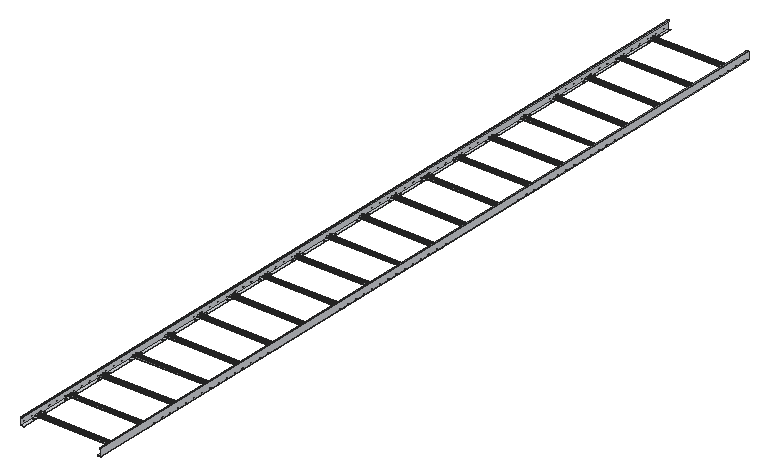
Revit family "Kabelleiter,Sprosse gelocht, geschweißt-LCIS 660 6 FS,FT,A2,A4", category Generic Models, Revit 2017 (continued)
Forms (mm)
  Extrusion 182, void
    sketch origin (0, 2100, 0) x (1, 0, 0) y (0, 1, 0)
      loop
        arc (-23.5, 142.515) -> (-23.354, 142.162) -> (-23, 142.015) r 0.5
        line (-23, 142.015) -> (-17, 142.015)
        arc (-17, 142.015) -> (-16.646, 142.162) -> (-16.5, 142.515) r 0.5
        line (-16.5, 142.515) -> (-16.5, 157.475)
        arc (-16.5, 157.475) -> (-16.646, 157.828) -> (-17, 157.975) r 0.5
        line (-17, 157.975) -> (-23, 157.975)
      loop
        arc (-5, 157.975) -> (-5.354, 157.828) -> (-5.5, 157.475) r 0.5
        line (-5.5, 157.475) -> (-5.5, 142.515)
        arc (-5.5, 142.515) -> (-5.354, 142.162) -> (-5, 142.015) r 0.5
        line (-5, 142.015) -> (5, 142.015)
        arc (5, 142.015) -> (5.354, 142.162) -> (5.5, 142.515) r 0.5
        line (5.5, 142.515) -> (5.5, 157.475)
        arc (5.5, 157.475) -> (5.354, 157.828) -> (5, 157.975) r 0.5
        line (5, 157.975) -> (-5, 157.975)
      loop
        arc (17.02, 157.975) -> (16.666, 157.828) -> (16.52, 157.475) r 0.5
        line (16.52, 157.475) -> (16.52, 142.515)
        arc (16.52, 142.515) -> (16.666, 142.162) -> (17.02, 142.015) r 0.5
        line (17.02, 142.015) -> (23.02, 142.015)
        arc (23.02, 142.015) -> (23.373, 142.162) -> (23.52, 142.515) r 0.5
        line (23.52, 142.515) -> (23.52, 157.475)
        arc (23.52, 157.475) -> (23.373, 157.828) -> (23.02, 157.975) r 0.5
        line (23.02, 157.975) -> (17.02, 157.975)
      loop
        arc (35, 157.975) -> (34.646, 157.828) -> (34.5, 157.475) r 0.5
        line (34.5, 157.475) -> (34.5, 142.515)
        arc (34.5, 142.515) -> (34.646, 142.162) -> (35, 142.015) r 0.5
        line (35, 142.015) -> (45, 142.015)
        arc (45, 142.015) -> (45.354, 142.162) -> (45.5, 142.515) r 0.5
        line (45.5, 142.515) -> (45.5, 157.475)
        arc (45.5, 157.475) -> (45.354, 157.828) -> (45, 157.975) r 0.5
        line (45, 157.975) -> (35, 157.975)
      loop
        arc (55, 157.975) -> (54.646, 157.828) -> (54.5, 157.475) r 0.5
        line (54.5, 157.475) -> (54.5, 142.515)
        arc (54.5, 142.515) -> (54.646, 142.162) -> (55, 142.015) r 0.5
        line (55, 142.015) -> (65, 142.015)
        arc (65, 142.015) -> (65.354, 142.162) -> (65.5, 142.515) r 0.5
        line (65.5, 142.515) -> (65.5, 157.475)
        arc (65.5, 157.475) -> (65.354, 157.828) -> (65, 157.975) r 0.5
        line (65, 157.975) -> (55, 157.975)
      loop
        arc (77, 157.975) -> (76.646, 157.828) -> (76.5, 157.475) r 0.5
        line (76.5, 157.475) -> (76.5, 142.515)
        arc (76.5, 142.515) -> (76.646, 142.162) -> (77, 142.015) r 0.5
        line (77, 142.015) -> (83, 142.015)
        arc (83, 142.015) -> (83.354, 142.162) -> (83.5, 142.515) r 0.5
        line (83.5, 142.515) -> (83.5, 157.475)
        arc (83.5, 157.475) -> (83.354, 157.828) -> (83, 157.975) r 0.5
        line (83, 157.975) -> (77, 157.975)
      loop
        arc (95, 157.975) -> (94.646, 157.828) -> (94.5, 157.475) r 0.5
        line (94.5, 157.475) -> (94.5, 142.515)
        arc (94.5, 142.515) -> (94.646, 142.162) -> (95, 142.015) r 0.5
        line (95, 142.015) -> (105, 142.015)
        arc (105, 142.015) -> (105.354, 142.162) -> (105.5, 142.515) r 0.5
        line (105.5, 142.515) -> (105.5, 157.475)
        arc (105.5, 157.475) -> (105.354, 157.828) -> (105, 157.975) r 0.5
        line (105, 157.975) -> (95, 157.975)
      loop
        arc (117, 157.975) -> (116.646, 157.828) -> (116.5, 157.475) r 0.5
        line (116.5, 157.475) -> (116.5, 142.515)
        arc (116.5, 142.515) -> (116.646, 142.162) -> (117, 142.015) r 0.5
        line (117, 142.015) -> (123, 142.015)
        arc (123, 142.015) -> (123.354, 142.162) -> (123.5, 142.515) r 0.5
        line (123.5, 142.515) -> (123.5, 157.475)
        arc (123.5, 157.475) -> (123.354, 157.828) -> (123, 157.975) r 0.5
        line (123, 157.975) -> (117, 157.975)
      loop
        arc (135, 157.975) -> (134.646, 157.828) -> (134.5, 157.475) r 0.5
        line (134.5, 157.475) -> (134.5, 142.545)
        arc (134.5, 142.545) -> (134.655, 142.17) -> (135.03, 142.015) r 0.53
        line (135.03, 142.015) -> (145, 142.015)
        arc (145, 142.015) -> (145.354, 142.162) -> (145.5, 142.515) r 0.5
        line (145.5, 142.515) -> (145.5, 157.475)
        arc (145.5, 157.475) -> (145.354, 157.828) -> (145, 157.975) r 0.5
        line (145, 157.975) -> (135, 157.975)
      loop
        arc (255.5, 148.475) -> (260, 143.975) -> (264.5, 148.475) r 4.5
        line (264.5, 148.475) -> (264.5, 151.475)
        arc (264.5, 151.475) -> (260, 155.975) -> (255.5, 151.475) r 4.5
        line (255.5, 151.475) -> (255.5, 148.475)
      loop
        arc (234.5, 142.515) -> (234.646, 142.162) -> (235, 142.015) r 0.5
        line (235, 142.015) -> (245, 142.015)
        arc (245, 142.015) -> (245.354, 142.162) -> (245.5, 142.515) r 0.5
        line (245.5, 142.515) -> (245.5, 157.475)
        arc (245.5, 157.475) -> (245.354, 157.828) -> (245, 157.975) r 0.5
        line (245, 157.975) -> (235, 157.975)
        arc (235, 157.975) -> (234.646, 157.828) -> (234.5, 157.475) r 0.5
        line (234.5, 157.475) -> (234.5, 142.515)
      loop
        arc (217, 157.975) -> (216.646, 157.828) -> (216.5, 157.475) r 0.5
        line (216.5, 157.475) -> (216.5, 142.529)
        arc (216.5, 142.529) -> (216.65, 142.166) -> (217.013, 142.015) r 0.513
        line (217.013, 142.015) -> (223, 142.015)
        arc (223, 142.015) -> (223.354, 142.162) -> (223.5, 142.515) r 0.5
        line (223.5, 142.515) -> (223.5, 157.475)
        arc (223.5, 157.475) -> (223.354, 157.828) -> (223, 157.975) r 0.5
        line (223, 157.975) -> (217, 157.975)
      loop
        arc (195, 157.975) -> (194.646, 157.828) -> (194.5, 157.475) r 0.5
        line (194.5, 157.475) -> (194.5, 142.515)
        arc (194.5, 142.515) -> (194.646, 142.162) -> (195, 142.015) r 0.5
        line (195, 142.015) -> (205, 142.015)
        arc (205, 142.015) -> (205.354, 142.162) -> (205.5, 142.515) r 0.5
        line (205.5, 142.515) -> (205.5, 157.475)
        arc (205.5, 157.475) -> (205.354, 157.828) -> (205, 157.975) r 0.5
        line (205, 157.975) -> (195, 157.975)
      loop
        arc (177, 157.975) -> (176.646, 157.828) -> (176.5, 157.475) r 0.5
        line (176.5, 157.475) -> (176.5, 142.515)
        arc (176.5, 142.515) -> (176.646, 142.162) -> (177, 142.015) r 0.5
        line (177, 142.015) -> (183, 142.015)
        arc (183, 142.015) -> (183.354, 142.162) -> (183.5, 142.515) r 0.5
        line (183.5, 142.515) -> (183.5, 157.475)
        arc (183.5, 157.475) -> (183.354, 157.828) -> (183, 157.975) r 0.5
        line (183, 157.975) -> (177, 157.975)
      loop
        arc (155, 157.975) -> (154.646, 157.828) -> (154.5, 157.475) r 0.5
        line (154.5, 157.475) -> (154.5, 142.015)
        arc (154.5, 142.015) -> (154.646, 141.662) -> (155, 141.515) r 0.5
        line (155, 141.515) -> (165, 141.515)
        arc (165, 141.515) -> (165.354, 141.662) -> (165.5, 142.015) r 0.5
        line (165.5, 142.015) -> (165.5, 157.475)
        arc (165.5, 157.475) -> (165.354, 157.828) -> (165, 157.975) r 0.5
        line (165, 157.975) -> (155, 157.975)
    from 1.441 to 2.93
  Extrusion 183, solid, material "Stainless steel, A4" <- "Material"
    sketch origin (0, 2400, 0) x (0, 1, 0) y (0, 0, 1)
      loop
        line (141.515, 14) -> (135.3, 14)
        arc (135.3, 14) -> (133.32, 13.18) -> (132.5, 11.2) r 2.8
        line (132.5, 11.2) -> (132.5, 4.23)
        arc (132.5, 4.23) -> (133.32, 2.25) -> (135.3, 1.43) r 2.8
        line (135.3, 1.43) -> (157.968, 1.43) -> (164.7, 1.43)
        arc (164.7, 1.43) -> (166.68, 2.25) -> (167.5, 4.23) r 2.8
        line (167.5, 4.23) -> (167.5, 11.2)
        arc (167.5, 11.2) -> (166.68, 13.18) -> (164.7, 14) r 2.8
        line (164.7, 14) -> (158.475, 14) -> (158.475, 12.5) -> (164.5, 12.5)
        arc (164.5, 12.5) -> (165.561, 12.061) -> (166, 11) r 1.5
        line (166, 11) -> (166, 4.43)
        arc (166, 4.43) -> (165.561, 3.37) -> (164.5, 2.93) r 1.5
        line (164.5, 2.93) -> (157.968, 2.93) -> (135.5, 2.93)
        arc (135.5, 2.93) -> (134.439, 3.37) -> (134, 4.43) r 1.5
        line (134, 4.43) -> (134, 11)
        arc (134, 11) -> (134.439, 12.061) -> (135.5, 12.5) r 1.5
        line (135.5, 12.5) -> (141.515, 12.5) -> (141.515, 14)
    from -298.5 to 298.5
  Extrusion 184, void
    sketch origin (0, 2400, 0) x (1, 0, 0) y (0, 1, 0)
      loop
        arc (-264.5, 148.475) -> (-260, 143.975) -> (-255.5, 148.475) r 4.5
        line (-255.5, 148.475) -> (-255.5, 151.475)
        arc (-255.5, 151.475) -> (-260, 155.975) -> (-264.5, 151.475) r 4.5
        line (-264.5, 151.475) -> (-264.5, 148.475)
      loop
        arc (-244, 157.975) -> (-244.354, 157.828) -> (-244.5, 157.475) r 0.5
        line (-244.5, 157.475) -> (-244.5, 142.515)
        arc (-244.5, 142.515) -> (-244.354, 142.162) -> (-244, 142.015) r 0.5
        line (-244, 142.015) -> (-236, 142.015)
        arc (-236, 142.015) -> (-235.646, 142.162) -> (-235.5, 142.515) r 0.5
        line (-235.5, 142.515) -> (-235.5, 157.446)
        arc (-235.5, 157.446) -> (-235.655, 157.82) -> (-236.029, 157.975) r 0.529
        line (-236.029, 157.975) -> (-244, 157.975)
      loop
        arc (-222.967, 157.975) -> (-223.321, 157.828) -> (-223.467, 157.475) r 0.5
        line (-223.467, 157.475) -> (-223.467, 142.515)
        arc (-223.467, 142.515) -> (-223.321, 142.162) -> (-222.967, 142.015) r 0.5
        line (-222.967, 142.015) -> (-216.967, 142.015)
        arc (-216.967, 142.015) -> (-216.614, 142.162) -> (-216.467, 142.515) r 0.5
        line (-216.467, 142.515) -> (-216.467, 157.475)
        arc (-216.467, 157.475) -> (-216.614, 157.828) -> (-216.967, 157.975) r 0.5
        line (-216.967, 157.975) -> (-222.967, 157.975)
      loop
        arc (-205, 157.975) -> (-205.354, 157.828) -> (-205.5, 157.475) r 0.5
        line (-205.5, 157.475) -> (-205.5, 142.515)
        arc (-205.5, 142.515) -> (-205.354, 142.162) -> (-205, 142.015) r 0.5
        line (-205, 142.015) -> (-195, 142.015)
        arc (-195, 142.015) -> (-194.646, 142.162) -> (-194.5, 142.515) r 0.5
        line (-194.5, 142.515) -> (-194.5, 157.475)
        arc (-194.5, 157.475) -> (-194.646, 157.828) -> (-195, 157.975) r 0.5
        line (-195, 157.975) -> (-205, 157.975)
      loop
        arc (-183, 157.975) -> (-183.354, 157.828) -> (-183.5, 157.475) r 0.5
        line (-183.5, 157.475) -> (-183.5, 142.515)
        arc (-183.5, 142.515) -> (-183.354, 142.162) -> (-183, 142.015) r 0.5
        line (-183, 142.015) -> (-177, 142.015)
        arc (-177, 142.015) -> (-176.646, 142.162) -> (-176.5, 142.515) r 0.5
        line (-176.5, 142.515) -> (-176.5, 157.475)
        arc (-176.5, 157.475) -> (-176.646, 157.828) -> (-177, 157.975) r 0.5
        line (-177, 157.975) -> (-183, 157.975)
      loop
        arc (-165, 157.975) -> (-165.354, 157.828) -> (-165.5, 157.475) r 0.5
        line (-165.5, 157.475) -> (-165.5, 142.515)
        arc (-165.5, 142.515) -> (-165.354, 142.162) -> (-165, 142.015) r 0.5
        line (-165, 142.015) -> (-155, 142.015)
        arc (-155, 142.015) -> (-154.646, 142.162) -> (-154.5, 142.515) r 0.5
        line (-154.5, 142.515) -> (-154.5, 157.475)
        arc (-154.5, 157.475) -> (-154.646, 157.828) -> (-155, 157.975) r 0.5
        line (-155, 157.975) -> (-165, 157.975)
      loop
        arc (-145, 157.975) -> (-145.354, 157.828) -> (-145.5, 157.475) r 0.5
        line (-145.5, 157.475) -> (-145.5, 142.515)
        arc (-145.5, 142.515) -> (-145.354, 142.162) -> (-145, 142.015) r 0.5
        line (-145, 142.015) -> (-135, 142.015)
        arc (-135, 142.015) -> (-134.646, 142.162) -> (-134.5, 142.515) r 0.5
        line (-134.5, 142.515) -> (-134.5, 157.475)
        arc (-134.5, 157.475) -> (-134.646, 157.828) -> (-135, 157.975) r 0.5
        line (-135, 157.975) -> (-145, 157.975)
      loop
        arc (-122.979, 157.975) -> (-123.333, 157.828) -> (-123.479, 157.475) r 0.5
        line (-123.479, 157.475) -> (-123.479, 142.515)
        arc (-123.479, 142.515) -> (-123.333, 142.162) -> (-122.979, 142.015) r 0.5
        line (-122.979, 142.015) -> (-116.979, 142.015)
        arc (-116.979, 142.015) -> (-116.626, 142.162) -> (-116.479, 142.515) r 0.5
        line (-116.479, 142.515) -> (-116.479, 157.475)
        arc (-116.479, 157.475) -> (-116.626, 157.828) -> (-116.979, 157.975) r 0.5
        line (-116.979, 157.975) -> (-122.979, 157.975)
      loop
        arc (-105, 157.975) -> (-105.354, 157.828) -> (-105.5, 157.475) r 0.5
        line (-105.5, 157.475) -> (-105.5, 142.515)
        arc (-105.5, 142.515) -> (-105.354, 142.162) -> (-105, 142.015) r 0.5
        line (-105, 142.015) -> (-95, 142.015)
        arc (-95, 142.015) -> (-94.646, 142.162) -> (-94.5, 142.515) r 0.5
        line (-94.5, 142.515) -> (-94.5, 157.475)
        arc (-94.5, 157.475) -> (-94.646, 157.828) -> (-95, 157.975) r 0.5
        line (-95, 157.975) -> (-105, 157.975)
      loop
        arc (-83, 157.975) -> (-83.354, 157.828) -> (-83.5, 157.475) r 0.5
        line (-83.5, 157.475) -> (-83.5, 142.515)
        arc (-83.5, 142.515) -> (-83.354, 142.162) -> (-83, 142.015) r 0.5
        line (-83, 142.015) -> (-77, 142.015)
        arc (-77, 142.015) -> (-76.646, 142.162) -> (-76.5, 142.515) r 0.5
        line (-76.5, 142.515) -> (-76.5, 157.475)
        arc (-76.5, 157.475) -> (-76.646, 157.828) -> (-77, 157.975) r 0.5
        line (-77, 157.975) -> (-83, 157.975)
      loop
        arc (-65, 157.975) -> (-65.354, 157.828) -> (-65.5, 157.475) r 0.5
        line (-65.5, 157.475) -> (-65.5, 142.515)
        arc (-65.5, 142.515) -> (-65.354, 142.162) -> (-65, 142.015) r 0.5
        line (-65, 142.015) -> (-55, 142.015)
        arc (-55, 142.015) -> (-54.646, 142.162) -> (-54.5, 142.515) r 0.5
        line (-54.5, 142.515) -> (-54.5, 157.475)
        arc (-54.5, 157.475) -> (-54.646, 157.828) -> (-55, 157.975) r 0.5
        line (-55, 157.975) -> (-65, 157.975)
      loop
        arc (-45, 157.975) -> (-45.354, 157.828) -> (-45.5, 157.475) r 0.5
        line (-45.5, 157.475) -> (-45.5, 142.515)
        arc (-45.5, 142.515) -> (-45.354, 142.162) -> (-45, 142.015) r 0.5
        line (-45, 142.015) -> (-35, 142.015)
        arc (-35, 142.015) -> (-34.646, 142.162) -> (-34.5, 142.515) r 0.5
        line (-34.5, 142.515) -> (-34.5, 157.475)
        arc (-34.5, 157.475) -> (-34.646, 157.828) -> (-35, 157.975) r 0.5
        line (-35, 157.975) -> (-45, 157.975)
      loop
        arc (-23, 157.975) -> (-23.354, 157.828) -> (-23.5, 157.475) r 0.5
        line (-23.5, 157.475) -> (-23.5, 142.515)
        arc (-23.5, 142.515) -> (-23.354, 142.162) -> (-23, 142.015) r 0.5
        line (-23, 142.015) -> (-17, 142.015)
        arc (-17, 142.015) -> (-16.646, 142.162) -> (-16.5, 142.515) r 0.5
        line (-16.5, 142.515) -> (-16.5, 157.475)
        arc (-16.5, 157.475) -> (-16.646, 157.828) -> (-17, 157.975) r 0.5
        line (-17, 157.975) -> (-23, 157.975)
      loop
        arc (-5, 157.975) -> (-5.354, 157.828) -> (-5.5, 157.475) r 0.5
        line (-5.5, 157.475) -> (-5.5, 142.515)
        arc (-5.5, 142.515) -> (-5.354, 142.162) -> (-5, 142.015) r 0.5
        line (-5, 142.015) -> (5, 142.015)
        arc (5, 142.015) -> (5.354, 142.162) -> (5.5, 142.515) r 0.5
        line (5.5, 142.515) -> (5.5, 157.475)
        arc (5.5, 157.475) -> (5.354, 157.828) -> (5, 157.975) r 0.5
        line (5, 157.975) -> (-5, 157.975)
      loop
        arc (17.02, 157.975) -> (16.666, 157.828) -> (16.52, 157.475) r 0.5
        line (16.52, 157.475) -> (16.52, 142.515)
        arc (16.52, 142.515) -> (16.666, 142.162) -> (17.02, 142.015) r 0.5
        line (17.02, 142.015) -> (23.02, 142.015)
        arc (23.02, 142.015) -> (23.373, 142.162) -> (23.52, 142.515) r 0.5
        line (23.52, 142.515) -> (23.52, 157.475)
        arc (23.52, 157.475) -> (23.373, 157.828) -> (23.02, 157.975) r 0.5
        line (23.02, 157.975) -> (17.02, 157.975)
      loop
        arc (35, 157.975) -> (34.646, 157.828) -> (34.5, 157.475) r 0.5
        line (34.5, 157.475) -> (34.5, 142.515)
        arc (34.5, 142.515) -> (34.646, 142.162) -> (35, 142.015) r 0.5
        line (35, 142.015) -> (45, 142.015)
        arc (45, 142.015) -> (45.354, 142.162) -> (45.5, 142.515) r 0.5
        line (45.5, 142.515) -> (45.5, 157.475)
        arc (45.5, 157.475) -> (45.354, 157.828) -> (45, 157.975) r 0.5
        line (45, 157.975) -> (35, 157.975)
      loop
        arc (55, 157.975) -> (54.646, 157.828) -> (54.5, 157.475) r 0.5
        line (54.5, 157.475) -> (54.5, 142.515)
        arc (54.5, 142.515) -> (54.646, 142.162) -> (55, 142.015) r 0.5
        line (55, 142.015) -> (65, 142.015)
        arc (65, 142.015) -> (65.354, 142.162) -> (65.5, 142.515) r 0.5
        line (65.5, 142.515) -> (65.5, 157.475)
        arc (65.5, 157.475) -> (65.354, 157.828) -> (65, 157.975) r 0.5
        line (65, 157.975) -> (55, 157.975)
      loop
        arc (77, 157.975) -> (76.646, 157.828) -> (76.5, 157.475) r 0.5
        line (76.5, 157.475) -> (76.5, 142.515)
        arc (76.5, 142.515) -> (76.646, 142.162) -> (77, 142.015) r 0.5
        line (77, 142.015) -> (83, 142.015)
        arc (83, 142.015) -> (83.354, 142.162) -> (83.5, 142.515) r 0.5
        line (83.5, 142.515) -> (83.5, 157.475)
        arc (83.5, 157.475) -> (83.354, 157.828) -> (83, 157.975) r 0.5
        line (83, 157.975) -> (77, 157.975)
      loop
        arc (95, 157.975) -> (94.646, 157.828) -> (94.5, 157.475) r 0.5
        line (94.5, 157.475) -> (94.5, 142.515)
        arc (94.5, 142.515) -> (94.646, 142.162) -> (95, 142.015) r 0.5
        line (95, 142.015) -> (105, 142.015)
        arc (105, 142.015) -> (105.354, 142.162) -> (105.5, 142.515) r 0.5
        line (105.5, 142.515) -> (105.5, 157.475)
        arc (105.5, 157.475) -> (105.354, 157.828) -> (105, 157.975) r 0.5
        line (105, 157.975) -> (95, 157.975)
      loop
        arc (117, 157.975) -> (116.646, 157.828) -> (116.5, 157.475) r 0.5
        line (116.5, 157.475) -> (116.5, 142.515)
        arc (116.5, 142.515) -> (116.646, 142.162) -> (117, 142.015) r 0.5
        line (117, 142.015) -> (123, 142.015)
        arc (123, 142.015) -> (123.354, 142.162) -> (123.5, 142.515) r 0.5
        line (123.5, 142.515) -> (123.5, 157.475)
        arc (123.5, 157.475) -> (123.354, 157.828) -> (123, 157.975) r 0.5
        line (123, 157.975) -> (117, 157.975)
      loop
        arc (135, 157.975) -> (134.646, 157.828) -> (134.5, 157.475) r 0.5
        line (134.5, 157.475) -> (134.5, 142.545)
        arc (134.5, 142.545) -> (134.655, 142.17) -> (135.03, 142.015) r 0.53
        line (135.03, 142.015) -> (145, 142.015)
        arc (145, 142.015) -> (145.354, 142.162) -> (145.5, 142.515) r 0.5
        line (145.5, 142.515) -> (145.5, 157.475)
        arc (145.5, 157.475) -> (145.354, 157.828) -> (145, 157.975) r 0.5
        line (145, 157.975) -> (135, 157.975)
      loop
        arc (255.5, 148.475) -> (260, 143.975) -> (264.5, 148.475) r 4.5
        line (264.5, 148.475) -> (264.5, 151.475)
        arc (264.5, 151.475) -> (260, 155.975) -> (255.5, 151.475) r 4.5
        line (255.5, 151.475) -> (255.5, 148.475)
      loop
        arc (234.5, 142.515) -> (234.646, 142.162) -> (235, 142.015) r 0.5
        line (235, 142.015) -> (245, 142.015)
        arc (245, 142.015) -> (245.354, 142.162) -> (245.5, 142.515) r 0.5
        line (245.5, 142.515) -> (245.5, 157.475)
        arc (245.5, 157.475) -> (245.354, 157.828) -> (245, 157.975) r 0.5
        line (245, 157.975) -> (235, 157.975)
        arc (235, 157.975) -> (234.646, 157.828) -> (234.5, 157.475) r 0.5
        line (234.5, 157.475) -> (234.5, 142.515)
      loop
        arc (217, 157.975) -> (216.646, 157.828) -> (216.5, 157.475) r 0.5
        line (216.5, 157.475) -> (216.5, 142.529)
        arc (216.5, 142.529) -> (216.65, 142.166) -> (217.013, 142.015) r 0.513
        line (217.013, 142.015) -> (223, 142.015)
        arc (223, 142.015) -> (223.354, 142.162) -> (223.5, 142.515) r 0.5
        line (223.5, 142.515) -> (223.5, 157.475)
        arc (223.5, 157.475) -> (223.354, 157.828) -> (223, 157.975) r 0.5
        line (223, 157.975) -> (217, 157.975)
      loop
        arc (195, 157.975) -> (194.646, 157.828) -> (194.5, 157.475) r 0.5
        line (194.5, 157.475) -> (194.5, 142.515)
        arc (194.5, 142.515) -> (194.646, 142.162) -> (195, 142.015) r 0.5
        line (195, 142.015) -> (205, 142.015)
        arc (205, 142.015) -> (205.354, 142.162) -> (205.5, 142.515) r 0.5
        line (205.5, 142.515) -> (205.5, 157.475)
        arc (205.5, 157.475) -> (205.354, 157.828) -> (205, 157.975) r 0.5
        line (205, 157.975) -> (195, 157.975)
      loop
        arc (177, 157.975) -> (176.646, 157.828) -> (176.5, 157.475) r 0.5
        line (176.5, 157.475) -> (176.5, 142.515)
        arc (176.5, 142.515) -> (176.646, 142.162) -> (177, 142.015) r 0.5
        line (177, 142.015) -> (183, 142.015)
        arc (183, 142.015) -> (183.354, 142.162) -> (183.5, 142.515) r 0.5
        line (183.5, 142.515) -> (183.5, 157.475)
        arc (183.5, 157.475) -> (183.354, 157.828) -> (183, 157.975) r 0.5
        line (183, 157.975) -> (177, 157.975)
      loop
        arc (155, 157.975) -> (154.646, 157.828) -> (154.5, 157.475) r 0.5
        line (154.5, 157.475) -> (154.5, 142.015)
        arc (154.5, 142.015) -> (154.646, 141.662) -> (155, 141.515) r 0.5
        line (155, 141.515) -> (165, 141.515)
        arc (165, 141.515) -> (165.354, 141.662) -> (165.5, 142.015) r 0.5
        line (165.5, 142.015) -> (165.5, 157.475)
        arc (165.5, 157.475) -> (165.354, 157.828) -> (165, 157.975) r 0.5
        line (165, 157.975) -> (155, 157.975)
    from 1.441 to 2.93
  Extrusion 185, solid, material "Stainless steel, A4" <- "Material"
    sketch origin (0, 2700, 0) x (0, 1, 0) y (0, 0, 1)
      loop
        line (141.515, 14) -> (135.3, 14)
        arc (135.3, 14) -> (133.32, 13.18) -> (132.5, 11.2) r 2.8
        line (132.5, 11.2) -> (132.5, 4.23)
        arc (132.5, 4.23) -> (133.32, 2.25) -> (135.3, 1.43) r 2.8
        line (135.3, 1.43) -> (157.968, 1.43) -> (164.7, 1.43)
        arc (164.7, 1.43) -> (166.68, 2.25) -> (167.5, 4.23) r 2.8
        line (167.5, 4.23) -> (167.5, 11.2)
        arc (167.5, 11.2) -> (166.68, 13.18) -> (164.7, 14) r 2.8
        line (164.7, 14) -> (158.475, 14) -> (158.475, 12.5) -> (164.5, 12.5)
        arc (164.5, 12.5) -> (165.561, 12.061) -> (166, 11) r 1.5
        line (166, 11) -> (166, 4.43)
        arc (166, 4.43) -> (165.561, 3.37) -> (164.5, 2.93) r 1.5
        line (164.5, 2.93) -> (157.968, 2.93) -> (135.5, 2.93)
        arc (135.5, 2.93) -> (134.439, 3.37) -> (134, 4.43) r 1.5
        line (134, 4.43) -> (134, 11)
        arc (134, 11) -> (134.439, 12.061) -> (135.5, 12.5) r 1.5
        line (135.5, 12.5) -> (141.515, 12.5) -> (141.515, 14)
    from -298.5 to 298.5
  Extrusion 186, void
    sketch origin (0, 2700, 0) x (1, 0, 0) y (0, 1, 0)
      loop
        arc (-264.5, 148.475) -> (-260, 143.975) -> (-255.5, 148.475) r 4.5
        line (-255.5, 148.475) -> (-255.5, 151.475)
        arc (-255.5, 151.475) -> (-260, 155.975) -> (-264.5, 151.475) r 4.5
        line (-264.5, 151.475) -> (-264.5, 148.475)
      loop
        arc (-244, 157.975) -> (-244.354, 157.828) -> (-244.5, 157.475) r 0.5
        line (-244.5, 157.475) -> (-244.5, 142.515)
        arc (-244.5, 142.515) -> (-244.354, 142.162) -> (-244, 142.015) r 0.5
        line (-244, 142.015) -> (-236, 142.015)
        arc (-236, 142.015) -> (-235.646, 142.162) -> (-235.5, 142.515) r 0.5
        line (-235.5, 142.515) -> (-235.5, 157.446)
        arc (-235.5, 157.446) -> (-235.655, 157.82) -> (-236.029, 157.975) r 0.529
        line (-236.029, 157.975) -> (-244, 157.975)
      loop
        arc (-222.967, 157.975) -> (-223.321, 157.828) -> (-223.467, 157.475) r 0.5
        line (-223.467, 157.475) -> (-223.467, 142.515)
        arc (-223.467, 142.515) -> (-223.321, 142.162) -> (-222.967, 142.015) r 0.5
        line (-222.967, 142.015) -> (-216.967, 142.015)
        arc (-216.967, 142.015) -> (-216.614, 142.162) -> (-216.467, 142.515) r 0.5
        line (-216.467, 142.515) -> (-216.467, 157.475)
        arc (-216.467, 157.475) -> (-216.614, 157.828) -> (-216.967, 157.975) r 0.5
        line (-216.967, 157.975) -> (-222.967, 157.975)
      loop
        arc (-205, 157.975) -> (-205.354, 157.828) -> (-205.5, 157.475) r 0.5
        line (-205.5, 157.475) -> (-205.5, 142.515)
        arc (-205.5, 142.515) -> (-205.354, 142.162) -> (-205, 142.015) r 0.5
        line (-205, 142.015) -> (-195, 142.015)
        arc (-195, 142.015) -> (-194.646, 142.162) -> (-194.5, 142.515) r 0.5
        line (-194.5, 142.515) -> (-194.5, 157.475)
        arc (-194.5, 157.475) -> (-194.646, 157.828) -> (-195, 157.975) r 0.5
        line (-195, 157.975) -> (-205, 157.975)
      loop
        arc (-183, 157.975) -> (-183.354, 157.828) -> (-183.5, 157.475) r 0.5
        line (-183.5, 157.475) -> (-183.5, 142.515)
        arc (-183.5, 142.515) -> (-183.354, 142.162) -> (-183, 142.015) r 0.5
        line (-183, 142.015) -> (-177, 142.015)
        arc (-177, 142.015) -> (-176.646, 142.162) -> (-176.5, 142.515) r 0.5
        line (-176.5, 142.515) -> (-176.5, 157.475)
        arc (-176.5, 157.475) -> (-176.646, 157.828) -> (-177, 157.975) r 0.5
        line (-177, 157.975) -> (-183, 157.975)
      loop
        arc (-165, 157.975) -> (-165.354, 157.828) -> (-165.5, 157.475) r 0.5
        line (-165.5, 157.475) -> (-165.5, 142.515)
        arc (-165.5, 142.515) -> (-165.354, 142.162) -> (-165, 142.015) r 0.5
        line (-165, 142.015) -> (-155, 142.015)
        arc (-155, 142.015) -> (-154.646, 142.162) -> (-154.5, 142.515) r 0.5
        line (-154.5, 142.515) -> (-154.5, 157.475)
        arc (-154.5, 157.475) -> (-154.646, 157.828) -> (-155, 157.975) r 0.5
        line (-155, 157.975) -> (-165, 157.975)
      loop
        arc (-145, 157.975) -> (-145.354, 157.828) -> (-145.5, 157.475) r 0.5
        line (-145.5, 157.475) -> (-145.5, 142.515)
        arc (-145.5, 142.515) -> (-145.354, 142.162) -> (-145, 142.015) r 0.5
        line (-145, 142.015) -> (-135, 142.015)
        arc (-135, 142.015) -> (-134.646, 142.162) -> (-134.5, 142.515) r 0.5
        line (-134.5, 142.515) -> (-134.5, 157.475)
        arc (-134.5, 157.475) -> (-134.646, 157.828) -> (-135, 157.975) r 0.5
        line (-135, 157.975) -> (-145, 157.975)
      loop
        arc (-122.979, 157.975) -> (-123.333, 157.828) -> (-123.479, 157.475) r 0.5
        line (-123.479, 157.475) -> (-123.479, 142.515)
        arc (-123.479, 142.515) -> (-123.333, 142.162) -> (-122.979, 142.015) r 0.5
        line (-122.979, 142.015) -> (-116.979, 142.015)
        arc (-116.979, 142.015) -> (-116.626, 142.162) -> (-116.479, 142.515) r 0.5
        line (-116.479, 142.515) -> (-116.479, 157.475)
        arc (-116.479, 157.475) -> (-116.626, 157.828) -> (-116.979, 157.975) r 0.5
        line (-116.979, 157.975) -> (-122.979, 157.975)
      loop
        arc (-105, 157.975) -> (-105.354, 157.828) -> (-105.5, 157.475) r 0.5
        line (-105.5, 157.475) -> (-105.5, 142.515)
        arc (-105.5, 142.515) -> (-105.354, 142.162) -> (-105, 142.015) r 0.5
        line (-105, 142.015) -> (-95, 142.015)
        arc (-95, 142.015) -> (-94.646, 142.162) -> (-94.5, 142.515) r 0.5
        line (-94.5, 142.515) -> (-94.5, 157.475)
        arc (-94.5, 157.475) -> (-94.646, 157.828) -> (-95, 157.975) r 0.5
        line (-95, 157.975) -> (-105, 157.975)
      loop
        arc (-83, 157.975) -> (-83.354, 157.828) -> (-83.5, 157.475) r 0.5
        line (-83.5, 157.475) -> (-83.5, 142.515)
        arc (-83.5, 142.515) -> (-83.354, 142.162) -> (-83, 142.015) r 0.5
        line (-83, 142.015) -> (-77, 142.015)
        arc (-77, 142.015) -> (-76.646, 142.162) -> (-76.5, 142.515) r 0.5
        line (-76.5, 142.515) -> (-76.5, 157.475)
        arc (-76.5, 157.475) -> (-76.646, 157.828) -> (-77, 157.975) r 0.5
        line (-77, 157.975) -> (-83, 157.975)
      loop
        arc (-65, 157.975) -> (-65.354, 157.828) -> (-65.5, 157.475) r 0.5
        line (-65.5, 157.475) -> (-65.5, 142.515)
        arc (-65.5, 142.515) -> (-65.354, 142.162) -> (-65, 142.015) r 0.5
        line (-65, 142.015) -> (-55, 142.015)
        arc (-55, 142.015) -> (-54.646, 142.162) -> (-54.5, 142.515) r 0.5
        line (-54.5, 142.515) -> (-54.5, 157.475)
        arc (-54.5, 157.475) -> (-54.646, 157.828) -> (-55, 157.975) r 0.5
        line (-55, 157.975) -> (-65, 157.975)
      loop
        arc (-45, 157.975) -> (-45.354, 157.828) -> (-45.5, 157.475) r 0.5
        line (-45.5, 157.475) -> (-45.5, 142.515)
        arc (-45.5, 142.515) -> (-45.354, 142.162) -> (-45, 142.015) r 0.5
        line (-45, 142.015) -> (-35, 142.015)
        arc (-35, 142.015) -> (-34.646, 142.162) -> (-34.5, 142.515) r 0.5
        line (-34.5, 142.515) -> (-34.5, 157.475)
        arc (-34.5, 157.475) -> (-34.646, 157.828) -> (-35, 157.975) r 0.5
        line (-35, 157.975) -> (-45, 157.975)
      loop
        arc (-23, 157.975) -> (-23.354, 157.828) -> (-23.5, 157.475) r 0.5
        line (-23.5, 157.475) -> (-23.5, 142.515)
        arc (-23.5, 142.515) -> (-23.354, 142.162) -> (-23, 142.015) r 0.5
        line (-23, 142.015) -> (-17, 142.015)
        arc (-17, 142.015) -> (-16.646, 142.162) -> (-16.5, 142.515) r 0.5
        line (-16.5, 142.515) -> (-16.5, 157.475)
        arc (-16.5, 157.475) -> (-16.646, 157.828) -> (-17, 157.975) r 0.5
        line (-17, 157.975) -> (-23, 157.975)
      loop
        arc (-5, 157.975) -> (-5.354, 157.828) -> (-5.5, 157.475) r 0.5
        line (-5.5, 157.475) -> (-5.5, 142.515)
        arc (-5.5, 142.515) -> (-5.354, 142.162) -> (-5, 142.015) r 0.5
        line (-5, 142.015) -> (5, 142.015)
        arc (5, 142.015) -> (5.354, 142.162) -> (5.5, 142.515) r 0.5
        line (5.5, 142.515) -> (5.5, 157.475)
        arc (5.5, 157.475) -> (5.354, 157.828) -> (5, 157.975) r 0.5
        line (5, 157.975) -> (-5, 157.975)
      loop
        arc (17.02, 157.975) -> (16.666, 157.828) -> (16.52, 157.475) r 0.5
        line (16.52, 157.475) -> (16.52, 142.515)
        arc (16.52, 142.515) -> (16.666, 142.162) -> (17.02, 142.015) r 0.5
        line (17.02, 142.015) -> (23.02, 142.015)
        arc (23.02, 142.015) -> (23.373, 142.162) -> (23.52, 142.515) r 0.5
        line (23.52, 142.515) -> (23.52, 157.475)
        arc (23.52, 157.475) -> (23.373, 157.828) -> (23.02, 157.975) r 0.5
        line (23.02, 157.975) -> (17.02, 157.975)
      loop
        arc (35, 157.975) -> (34.646, 157.828) -> (34.5, 157.475) r 0.5
        line (34.5, 157.475) -> (34.5, 142.515)
        arc (34.5, 142.515) -> (34.646, 142.162) -> (35, 142.015) r 0.5
        line (35, 142.015) -> (45, 142.015)
        arc (45, 142.015) -> (45.354, 142.162) -> (45.5, 142.515) r 0.5
        line (45.5, 142.515) -> (45.5, 157.475)
        arc (45.5, 157.475) -> (45.354, 157.828) -> (45, 157.975) r 0.5
        line (45, 157.975) -> (35, 157.975)
      loop
        arc (55, 157.975) -> (54.646, 157.828) -> (54.5, 157.475) r 0.5
        line (54.5, 157.475) -> (54.5, 142.515)
        arc (54.5, 142.515) -> (54.646, 142.162) -> (55, 142.015) r 0.5
        line (55, 142.015) -> (65, 142.015)
        arc (65, 142.015) -> (65.354, 142.162) -> (65.5, 142.515) r 0.5
        line (65.5, 142.515) -> (65.5, 157.475)
        arc (65.5, 157.475) -> (65.354, 157.828) -> (65, 157.975) r 0.5
        line (65, 157.975) -> (55, 157.975)
      loop
        arc (77, 157.975) -> (76.646, 157.828) -> (76.5, 157.475) r 0.5
        line (76.5, 157.475) -> (76.5, 142.515)
        arc (76.5, 142.515) -> (76.646, 142.162) -> (77, 142.015) r 0.5
        line (77, 142.015) -> (83, 142.015)
        arc (83, 142.015) -> (83.354, 142.162) -> (83.5, 142.515) r 0.5
        line (83.5, 142.515) -> (83.5, 157.475)
        arc (83.5, 157.475) -> (83.354, 157.828) -> (83, 157.975) r 0.5
        line (83, 157.975) -> (77, 157.975)
      loop
        arc (95, 157.975) -> (94.646, 157.828) -> (94.5, 157.475) r 0.5
        line (94.5, 157.475) -> (94.5, 142.515)
        arc (94.5, 142.515) -> (94.646, 142.162) -> (95, 142.015) r 0.5
        line (95, 142.015) -> (105, 142.015)
        arc (105, 142.015) -> (105.354, 142.162) -> (105.5, 142.515) r 0.5
        line (105.5, 142.515) -> (105.5, 157.475)
        arc (105.5, 157.475) -> (105.354, 157.828) -> (105, 157.975) r 0.5
        line (105, 157.975) -> (95, 157.975)
      loop
        arc (117, 157.975) -> (116.646, 157.828) -> (116.5, 157.475) r 0.5
        line (116.5, 157.475) -> (116.5, 142.515)
        arc (116.5, 142.515) -> (116.646, 142.162) -> (117, 142.015) r 0.5
        line (117, 142.015) -> (123, 142.015)
        arc (123, 142.015) -> (123.354, 142.162) -> (123.5, 142.515) r 0.5
        line (123.5, 142.515) -> (123.5, 157.475)
        arc (123.5, 157.475) -> (123.354, 157.828) -> (123, 157.975) r 0.5
        line (123, 157.975) -> (117, 157.975)
      loop
        arc (135, 157.975) -> (134.646, 157.828) -> (134.5, 157.475) r 0.5
        line (134.5, 157.475) -> (134.5, 142.545)
        arc (134.5, 142.545) -> (134.655, 142.17) -> (135.03, 142.015) r 0.53
        line (135.03, 142.015) -> (145, 142.015)
        arc (145, 142.015) -> (145.354, 142.162) -> (145.5, 142.515) r 0.5
        line (145.5, 142.515) -> (145.5, 157.475)
        arc (145.5, 157.475) -> (145.354, 157.828) -> (145, 157.975) r 0.5
        line (145, 157.975) -> (135, 157.975)
      loop
        arc (255.5, 148.475) -> (260, 143.975) -> (264.5, 148.475) r 4.5
        line (264.5, 148.475) -> (264.5, 151.475)
        arc (264.5, 151.475) -> (260, 155.975) -> (255.5, 151.475) r 4.5
        line (255.5, 151.475) -> (255.5, 148.475)
      loop
        arc (234.5, 142.515) -> (234.646, 142.162) -> (235, 142.015) r 0.5
        line (235, 142.015) -> (245, 142.015)
        arc (245, 142.015) -> (245.354, 142.162) -> (245.5, 142.515) r 0.5
        line (245.5, 142.515) -> (245.5, 157.475)
        arc (245.5, 157.475) -> (245.354, 157.828) -> (245, 157.975) r 0.5
        line (245, 157.975) -> (235, 157.975)
        arc (235, 157.975) -> (234.646, 157.828) -> (234.5, 157.475) r 0.5
        line (234.5, 157.475) -> (234.5, 142.515)
      loop
        arc (217, 157.975) -> (216.646, 157.828) -> (216.5, 157.475) r 0.5
        line (216.5, 157.475) -> (216.5, 142.529)
        arc (216.5, 142.529) -> (216.65, 142.166) -> (217.013, 142.015) r 0.513
        line (217.013, 142.015) -> (223, 142.015)
        arc (223, 142.015) -> (223.354, 142.162) -> (223.5, 142.515) r 0.5
        line (223.5, 142.515) -> (223.5, 157.475)
        arc (223.5, 157.475) -> (223.354, 157.828) -> (223, 157.975) r 0.5
        line (223, 157.975) -> (217, 157.975)
      loop
        arc (195, 157.975) -> (194.646, 157.828) -> (194.5, 157.475) r 0.5
        line (194.5, 157.475) -> (194.5, 142.515)
        arc (194.5, 142.515) -> (194.646, 142.162) -> (195, 142.015) r 0.5
        line (195, 142.015) -> (205, 142.015)
        arc (205, 142.015) -> (205.354, 142.162) -> (205.5, 142.515) r 0.5
        line (205.5, 142.515) -> (205.5, 157.475)
        arc (205.5, 157.475) -> (205.354, 157.828) -> (205, 157.975) r 0.5
        line (205, 157.975) -> (195, 157.975)
      loop
        arc (177, 157.975) -> (176.646, 157.828) -> (176.5, 157.475) r 0.5
        line (176.5, 157.475) -> (176.5, 142.515)
        arc (176.5, 142.515) -> (176.646, 142.162) -> (177, 142.015) r 0.5
        line (177, 142.015) -> (183, 142.015)
        arc (183, 142.015) -> (183.354, 142.162) -> (183.5, 142.515) r 0.5
        line (183.5, 142.515) -> (183.5, 157.475)
        arc (183.5, 157.475) -> (183.354, 157.828) -> (183, 157.975) r 0.5
        line (183, 157.975) -> (177, 157.975)
      loop
        arc (155, 157.975) -> (154.646, 157.828) -> (154.5, 157.475) r 0.5
        line (154.5, 157.475) -> (154.5, 142.015)
        arc (154.5, 142.015) -> (154.646, 141.662) -> (155, 141.515) r 0.5
        line (155, 141.515) -> (165, 141.515)
        arc (165, 141.515) -> (165.354, 141.662) -> (165.5, 142.015) r 0.5
        line (165.5, 142.015) -> (165.5, 157.475)
        arc (165.5, 157.475) -> (165.354, 157.828) -> (165, 157.975) r 0.5
        line (165, 157.975) -> (155, 157.975)
    from 1.441 to 2.93
  Extrusion 187, solid, material "Stainless steel, A4" <- "Material"
    sketch origin (0, 3000, 0) x (0, 1, 0) y (0, 0, 1)
      loop
        line (141.515, 14) -> (135.3, 14)
        arc (135.3, 14) -> (133.32, 13.18) -> (132.5, 11.2) r 2.8
        line (132.5, 11.2) -> (132.5, 4.23)
        arc (132.5, 4.23) -> (133.32, 2.25) -> (135.3, 1.43) r 2.8
        line (135.3, 1.43) -> (157.968, 1.43) -> (164.7, 1.43)
        arc (164.7, 1.43) -> (166.68, 2.25) -> (167.5, 4.23) r 2.8
        line (167.5, 4.23) -> (167.5, 11.2)
        arc (167.5, 11.2) -> (166.68, 13.18) -> (164.7, 14) r 2.8
        line (164.7, 14) -> (158.475, 14) -> (158.475, 12.5) -> (164.5, 12.5)
        arc (164.5, 12.5) -> (165.561, 12.061) -> (166, 11) r 1.5
        line (166, 11) -> (166, 4.43)
        arc (166, 4.43) -> (165.561, 3.37) -> (164.5, 2.93) r 1.5
        line (164.5, 2.93) -> (157.968, 2.93) -> (135.5, 2.93)
        arc (135.5, 2.93) -> (134.439, 3.37) -> (134, 4.43) r 1.5
        line (134, 4.43) -> (134, 11)
        arc (134, 11) -> (134.439, 12.061) -> (135.5, 12.5) r 1.5
        line (135.5, 12.5) -> (141.515, 12.5) -> (141.515, 14)
    from -298.5 to 298.5
  Extrusion 188, void
    sketch origin (0, 3000, 0) x (1, 0, 0) y (0, 1, 0)
      loop
        arc (-264.5, 148.475) -> (-260, 143.975) -> (-255.5, 148.475) r 4.5
        line (-255.5, 148.475) -> (-255.5, 151.475)
        arc (-255.5, 151.475) -> (-260, 155.975) -> (-264.5, 151.475) r 4.5
        line (-264.5, 151.475) -> (-264.5, 148.475)
      loop
        arc (-244, 157.975) -> (-244.354, 157.828) -> (-244.5, 157.475) r 0.5
        line (-244.5, 157.475) -> (-244.5, 142.515)
        arc (-244.5, 142.515) -> (-244.354, 142.162) -> (-244, 142.015) r 0.5
        line (-244, 142.015) -> (-236, 142.015)
        arc (-236, 142.015) -> (-235.646, 142.162) -> (-235.5, 142.515) r 0.5
        line (-235.5, 142.515) -> (-235.5, 157.446)
        arc (-235.5, 157.446) -> (-235.655, 157.82) -> (-236.029, 157.975) r 0.529
        line (-236.029, 157.975) -> (-244, 157.975)
      loop
        arc (-222.967, 157.975) -> (-223.321, 157.828) -> (-223.467, 157.475) r 0.5
        line (-223.467, 157.475) -> (-223.467, 142.515)
        arc (-223.467, 142.515) -> (-223.321, 142.162) -> (-222.967, 142.015) r 0.5
        line (-222.967, 142.015) -> (-216.967, 142.015)
        arc (-216.967, 142.015) -> (-216.614, 142.162) -> (-216.467, 142.515) r 0.5
        line (-216.467, 142.515) -> (-216.467, 157.475)
        arc (-216.467, 157.475) -> (-216.614, 157.828) -> (-216.967, 157.975) r 0.5
        line (-216.967, 157.975) -> (-222.967, 157.975)
      loop
        arc (-205, 157.975) -> (-205.354, 157.828) -> (-205.5, 157.475) r 0.5
        line (-205.5, 157.475) -> (-205.5, 142.515)
        arc (-205.5, 142.515) -> (-205.354, 142.162) -> (-205, 142.015) r 0.5
        line (-205, 142.015) -> (-195, 142.015)
        arc (-195, 142.015) -> (-194.646, 142.162) -> (-194.5, 142.515) r 0.5
        line (-194.5, 142.515) -> (-194.5, 157.475)
        arc (-194.5, 157.475) -> (-194.646, 157.828) -> (-195, 157.975) r 0.5
        line (-195, 157.975) -> (-205, 157.975)
      loop
        arc (-183, 157.975) -> (-183.354, 157.828) -> (-183.5, 157.475) r 0.5
        line (-183.5, 157.475) -> (-183.5, 142.515)
        arc (-183.5, 142.515) -> (-183.354, 142.162) -> (-183, 142.015) r 0.5
        line (-183, 142.015) -> (-177, 142.015)
        arc (-177, 142.015) -> (-176.646, 142.162) -> (-176.5, 142.515) r 0.5
        line (-176.5, 142.515) -> (-176.5, 157.475)
        arc (-176.5, 157.475) -> (-176.646, 157.828) -> (-177, 157.975) r 0.5
        line (-177, 157.975) -> (-183, 157.975)
      loop
        arc (-165, 157.975) -> (-165.354, 157.828) -> (-165.5, 157.475) r 0.5
        line (-165.5, 157.475) -> (-165.5, 142.515)
        arc (-165.5, 142.515) -> (-165.354, 142.162) -> (-165, 142.015) r 0.5
        line (-165, 142.015) -> (-155, 142.015)
        arc (-155, 142.015) -> (-154.646, 142.162) -> (-154.5, 142.515) r 0.5
        line (-154.5, 142.515) -> (-154.5, 157.475)
        arc (-154.5, 157.475) -> (-154.646, 157.828) -> (-155, 157.975) r 0.5
        line (-155, 157.975) -> (-165, 157.975)
      loop
        arc (-145, 157.975) -> (-145.354, 157.828) -> (-145.5, 157.475) r 0.5
        line (-145.5, 157.475) -> (-145.5, 142.515)
        arc (-145.5, 142.515) -> (-145.354, 142.162) -> (-145, 142.015) r 0.5
        line (-145, 142.015) -> (-135, 142.015)
        arc (-135, 142.015) -> (-134.646, 142.162) -> (-134.5, 142.515) r 0.5
        line (-134.5, 142.515) -> (-134.5, 157.475)
        arc (-134.5, 157.475) -> (-134.646, 157.828) -> (-135, 157.975) r 0.5
        line (-135, 157.975) -> (-145, 157.975)
      loop
        arc (-122.979, 157.975) -> (-123.333, 157.828) -> (-123.479, 157.475) r 0.5
        line (-123.479, 157.475) -> (-123.479, 142.515)
        arc (-123.479, 142.515) -> (-123.333, 142.162) -> (-122.979, 142.015) r 0.5
        line (-122.979, 142.015) -> (-116.979, 142.015)
        arc (-116.979, 142.015) -> (-116.626, 142.162) -> (-116.479, 142.515) r 0.5
        line (-116.479, 142.515) -> (-116.479, 157.475)
        arc (-116.479, 157.475) -> (-116.626, 157.828) -> (-116.979, 157.975) r 0.5
        line (-116.979, 157.975) -> (-122.979, 157.975)
      loop
        arc (-105, 157.975) -> (-105.354, 157.828) -> (-105.5, 157.475) r 0.5
        line (-105.5, 157.475) -> (-105.5, 142.515)
        arc (-105.5, 142.515) -> (-105.354, 142.162) -> (-105, 142.015) r 0.5
        line (-105, 142.015) -> (-95, 142.015)
        arc (-95, 142.015) -> (-94.646, 142.162) -> (-94.5, 142.515) r 0.5
        line (-94.5, 142.515) -> (-94.5, 157.475)
        arc (-94.5, 157.475) -> (-94.646, 157.828) -> (-95, 157.975) r 0.5
        line (-95, 157.975) -> (-105, 157.975)
      loop
        arc (-83, 157.975) -> (-83.354, 157.828) -> (-83.5, 157.475) r 0.5
        line (-83.5, 157.475) -> (-83.5, 142.515)
        arc (-83.5, 142.515) -> (-83.354, 142.162) -> (-83, 142.015) r 0.5
        line (-83, 142.015) -> (-77, 142.015)
        arc (-77, 142.015) -> (-76.646, 142.162) -> (-76.5, 142.515) r 0.5
        line (-76.5, 142.515) -> (-76.5, 157.475)
        arc (-76.5, 157.475) -> (-76.646, 157.828) -> (-77, 157.975) r 0.5
        line (-77, 157.975) -> (-83, 157.975)
      loop
        arc (-65, 157.975) -> (-65.354, 157.828) -> (-65.5, 157.475) r 0.5
        line (-65.5, 157.475) -> (-65.5, 142.515)
        arc (-65.5, 142.515) -> (-65.354, 142.162) -> (-65, 142.015) r 0.5
        line (-65, 142.015) -> (-55, 142.015)
        arc (-55, 142.015) -> (-54.646, 142.162) -> (-54.5, 142.515) r 0.5
        line (-54.5, 142.515) -> (-54.5, 157.475)
        arc (-54.5, 157.475) -> (-54.646, 157.828) -> (-55, 157.975) r 0.5
        line (-55, 157.975) -> (-65, 157.975)
      loop
        arc (-45, 157.975) -> (-45.354, 157.828) -> (-45.5, 157.475) r 0.5
        line (-45.5, 157.475) -> (-45.5, 142.515)
        arc (-45.5, 142.515) -> (-45.354, 142.162) -> (-45, 142.015) r 0.5
        line (-45, 142.015) -> (-35, 142.015)
        arc (-35, 142.015) -> (-34.646, 142.162) -> (-34.5, 142.515) r 0.5
        line (-34.5, 142.515) -> (-34.5, 157.475)
        arc (-34.5, 157.475) -> (-34.646, 157.828) -> (-35, 157.975) r 0.5
        line (-35, 157.975) -> (-45, 157.975)
      loop
        arc (-23, 157.975) -> (-23.354, 157.828) -> (-23.5, 157.475) r 0.5
        line (-23.5, 157.475) -> (-23.5, 142.515)
        arc (-23.5, 142.515) -> (-23.354, 142.162) -> (-23, 142.015) r 0.5
        line (-23, 142.015) -> (-17, 142.015)
        arc (-17, 142.015) -> (-16.646, 142.162) -> (-16.5, 142.515) r 0.5
        line (-16.5, 142.515) -> (-16.5, 157.475)
        arc (-16.5, 157.475) -> (-16.646, 157.828) -> (-17, 157.975) r 0.5
        line (-17, 157.975) -> (-23, 157.975)
      loop
        arc (-5, 157.975) -> (-5.354, 157.828) -> (-5.5, 157.475) r 0.5
        line (-5.5, 157.475) -> (-5.5, 142.515)
        arc (-5.5, 142.515) -> (-5.354, 142.162) -> (-5, 142.015) r 0.5
        line (-5, 142.015) -> (5, 142.015)
        arc (5, 142.015) -> (5.354, 142.162) -> (5.5, 142.515) r 0.5
        line (5.5, 142.515) -> (5.5, 157.475)
        arc (5.5, 157.475) -> (5.354, 157.828) -> (5, 157.975) r 0.5
        line (5, 157.975) -> (-5, 157.975)
      loop
        arc (17.02, 157.975) -> (16.666, 157.828) -> (16.52, 157.475) r 0.5
        line (16.52, 157.475) -> (16.52, 142.515)
        arc (16.52, 142.515) -> (16.666, 142.162) -> (17.02, 142.015) r 0.5
        line (17.02, 142.015) -> (23.02, 142.015)
        arc (23.02, 142.015) -> (23.373, 142.162) -> (23.52, 142.515) r 0.5
        line (23.52, 142.515) -> (23.52, 157.475)
        arc (23.52, 157.475) -> (23.373, 157.828) -> (23.02, 157.975) r 0.5
        line (23.02, 157.975) -> (17.02, 157.975)
      loop
        arc (35, 157.975) -> (34.646, 157.828) -> (34.5, 157.475) r 0.5
        line (34.5, 157.475) -> (34.5, 142.515)
        arc (34.5, 142.515) -> (34.646, 142.162) -> (35, 142.015) r 0.5
        line (35, 142.015) -> (45, 142.015)
        arc (45, 142.015) -> (45.354, 142.162) -> (45.5, 142.515) r 0.5
        line (45.5, 142.515) -> (45.5, 157.475)
        arc (45.5, 157.475) -> (45.354, 157.828) -> (45, 157.975) r 0.5
        line (45, 157.975) -> (35, 157.975)
      loop
        arc (55, 157.975) -> (54.646, 157.828) -> (54.5, 157.475) r 0.5
        line (54.5, 157.475) -> (54.5, 142.515)
        arc (54.5, 142.515) -> (54.646, 142.162) -> (55, 142.015) r 0.5
        line (55, 142.015) -> (65, 142.015)
        arc (65, 142.015) -> (65.354, 142.162) -> (65.5, 142.515) r 0.5
        line (65.5, 142.515) -> (65.5, 157.475)
        arc (65.5, 157.475) -> (65.354, 157.828) -> (65, 157.975) r 0.5
        line (65, 157.975) -> (55, 157.975)
      loop
        arc (77, 157.975) -> (76.646, 157.828) -> (76.5, 157.475) r 0.5
        line (76.5, 157.475) -> (76.5, 142.515)
        arc (76.5, 142.515) -> (76.646, 142.162) -> (77, 142.015) r 0.5
        line (77, 142.015) -> (83, 142.015)
        arc (83, 142.015) -> (83.354, 142.162) -> (83.5, 142.515) r 0.5
        line (83.5, 142.515) -> (83.5, 157.475)
        arc (83.5, 157.475) -> (83.354, 157.828) -> (83, 157.975) r 0.5
        line (83, 157.975) -> (77, 157.975)
      loop
        arc (95, 157.975) -> (94.646, 157.828) -> (94.5, 157.475) r 0.5
        line (94.5, 157.475) -> (94.5, 142.515)
        arc (94.5, 142.515) -> (94.646, 142.162) -> (95, 142.015) r 0.5
        line (95, 142.015) -> (105, 142.015)
        arc (105, 142.015) -> (105.354, 142.162) -> (105.5, 142.515) r 0.5
        line (105.5, 142.515) -> (105.5, 157.475)
        arc (105.5, 157.475) -> (105.354, 157.828) -> (105, 157.975) r 0.5
        line (105, 157.975) -> (95, 157.975)
      loop
        arc (117, 157.975) -> (116.646, 157.828) -> (116.5, 157.475) r 0.5
        line (116.5, 157.475) -> (116.5, 142.515)
        arc (116.5, 142.515) -> (116.646, 142.162) -> (117, 142.015) r 0.5
        line (117, 142.015) -> (123, 142.015)
        arc (123, 142.015) -> (123.354, 142.162) -> (123.5, 142.515) r 0.5
        line (123.5, 142.515) -> (123.5, 157.475)
        arc (123.5, 157.475) -> (123.354, 157.828) -> (123, 157.975) r 0.5
        line (123, 157.975) -> (117, 157.975)
      loop
        arc (135, 157.975) -> (134.646, 157.828) -> (134.5, 157.475) r 0.5
        line (134.5, 157.475) -> (134.5, 142.545)
        arc (134.5, 142.545) -> (134.655, 142.17) -> (135.03, 142.015) r 0.53
        line (135.03, 142.015) -> (145, 142.015)
        arc (145, 142.015) -> (145.354, 142.162) -> (145.5, 142.515) r 0.5
        line (145.5, 142.515) -> (145.5, 157.475)
        arc (145.5, 157.475) -> (145.354, 157.828) -> (145, 157.975) r 0.5
        line (145, 157.975) -> (135, 157.975)
      loop
        arc (255.5, 148.475) -> (260, 143.975) -> (264.5, 148.475) r 4.5
        line (264.5, 148.475) -> (264.5, 151.475)
        arc (264.5, 151.475) -> (260, 155.975) -> (255.5, 151.475) r 4.5
        line (255.5, 151.475) -> (255.5, 148.475)
      loop
        arc (234.5, 142.515) -> (234.646, 142.162) -> (235, 142.015) r 0.5
        line (235, 142.015) -> (245, 142.015)
        arc (245, 142.015) -> (245.354, 142.162) -> (245.5, 142.515) r 0.5
        line (245.5, 142.515) -> (245.5, 157.475)
        arc (245.5, 157.475) -> (245.354, 157.828) -> (245, 157.975) r 0.5
        line (245, 157.975) -> (235, 157.975)
        arc (235, 157.975) -> (234.646, 157.828) -> (234.5, 157.475) r 0.5
        line (234.5, 157.475) -> (234.5, 142.515)
      loop
        arc (217, 157.975) -> (216.646, 157.828) -> (216.5, 157.475) r 0.5
        line (216.5, 157.475) -> (216.5, 142.529)
        arc (216.5, 142.529) -> (216.65, 142.166) -> (217.013, 142.015) r 0.513
        line (217.013, 142.015) -> (223, 142.015)
        arc (223, 142.015) -> (223.354, 142.162) -> (223.5, 142.515) r 0.5
        line (223.5, 142.515) -> (223.5, 157.475)
        arc (223.5, 157.475) -> (223.354, 157.828) -> (223, 157.975) r 0.5
        line (223, 157.975) -> (217, 157.975)
      loop
        arc (195, 157.975) -> (194.646, 157.828) -> (194.5, 157.475) r 0.5
        line (194.5, 157.475) -> (194.5, 142.515)
        arc (194.5, 142.515) -> (194.646, 142.162) -> (195, 142.015) r 0.5
        line (195, 142.015) -> (205, 142.015)
        arc (205, 142.015) -> (205.354, 142.162) -> (205.5, 142.515) r 0.5
        line (205.5, 142.515) -> (205.5, 157.475)
        arc (205.5, 157.475) -> (205.354, 157.828) -> (205, 157.975) r 0.5
        line (205, 157.975) -> (195, 157.975)
      loop
        arc (177, 157.975) -> (176.646, 157.828) -> (176.5, 157.475) r 0.5
        line (176.5, 157.475) -> (176.5, 142.515)
        arc (176.5, 142.515) -> (176.646, 142.162) -> (177, 142.015) r 0.5
        line (177, 142.015) -> (183, 142.015)
        arc (183, 142.015) -> (183.354, 142.162) -> (183.5, 142.515) r 0.5
        line (183.5, 142.515) -> (183.5, 157.475)
        arc (183.5, 157.475) -> (183.354, 157.828) -> (183, 157.975) r 0.5
        line (183, 157.975) -> (177, 157.975)
      loop
        arc (155, 157.975) -> (154.646, 157.828) -> (154.5, 157.475) r 0.5
        line (154.5, 157.475) -> (154.5, 142.015)
        arc (154.5, 142.015) -> (154.646, 141.662) -> (155, 141.515) r 0.5
        line (155, 141.515) -> (165, 141.515)
        arc (165, 141.515) -> (165.354, 141.662) -> (165.5, 142.015) r 0.5
        line (165.5, 142.015) -> (165.5, 157.475)
        arc (165.5, 157.475) -> (165.354, 157.828) -> (165, 157.975) r 0.5
        line (165, 157.975) -> (155, 157.975)
    from 1.441 to 2.93
  Extrusion 189, solid, material "Stainless steel, A4" <- "Material"
    sketch origin (0, 3300, 0) x (0, 1, 0) y (0, 0, 1)
      loop
        line (141.515, 14) -> (135.3, 14)
        arc (135.3, 14) -> (133.32, 13.18) -> (132.5, 11.2) r 2.8
        line (132.5, 11.2) -> (132.5, 4.23)
        arc (132.5, 4.23) -> (133.32, 2.25) -> (135.3, 1.43) r 2.8
        line (135.3, 1.43) -> (157.968, 1.43) -> (164.7, 1.43)
        arc (164.7, 1.43) -> (166.68, 2.25) -> (167.5, 4.23) r 2.8
        line (167.5, 4.23) -> (167.5, 11.2)
        arc (167.5, 11.2) -> (166.68, 13.18) -> (164.7, 14) r 2.8
        line (164.7, 14) -> (158.475, 14) -> (158.475, 12.5) -> (164.5, 12.5)
        arc (164.5, 12.5) -> (165.561, 12.061) -> (166, 11) r 1.5
        line (166, 11) -> (166, 4.43)
        arc (166, 4.43) -> (165.561, 3.37) -> (164.5, 2.93) r 1.5
        line (164.5, 2.93) -> (157.968, 2.93) -> (135.5, 2.93)
        arc (135.5, 2.93) -> (134.439, 3.37) -> (134, 4.43) r 1.5
        line (134, 4.43) -> (134, 11)
        arc (134, 11) -> (134.439, 12.061) -> (135.5, 12.5) r 1.5
        line (135.5, 12.5) -> (141.515, 12.5) -> (141.515, 14)
    from -298.5 to 298.5
  Extrusion 190, void
    sketch origin (0, 3300, 0) x (1, 0, 0) y (0, 1, 0)
      loop
        arc (-264.5, 148.475) -> (-260, 143.975) -> (-255.5, 148.475) r 4.5
        line (-255.5, 148.475) -> (-255.5, 151.475)
        arc (-255.5, 151.475) -> (-260, 155.975) -> (-264.5, 151.475) r 4.5
        line (-264.5, 151.475) -> (-264.5, 148.475)
      loop
        arc (-244, 157.975) -> (-244.354, 157.828) -> (-244.5, 157.475) r 0.5
        line (-244.5, 157.475) -> (-244.5, 142.515)
        arc (-244.5, 142.515) -> (-244.354, 142.162) -> (-244, 142.015) r 0.5
        line (-244, 142.015) -> (-236, 142.015)
        arc (-236, 142.015) -> (-235.646, 142.162) -> (-235.5, 142.515) r 0.5
        line (-235.5, 142.515) -> (-235.5, 157.446)
        arc (-235.5, 157.446) -> (-235.655, 157.82) -> (-236.029, 157.975) r 0.529
        line (-236.029, 157.975) -> (-244, 157.975)
      loop
        arc (-222.967, 157.975) -> (-223.321, 157.828) -> (-223.467, 157.475) r 0.5
        line (-223.467, 157.475) -> (-223.467, 142.515)
        arc (-223.467, 142.515) -> (-223.321, 142.162) -> (-222.967, 142.015) r 0.5
        line (-222.967, 142.015) -> (-216.967, 142.015)
        arc (-216.967, 142.015) -> (-216.614, 142.162) -> (-216.467, 142.515) r 0.5
        line (-216.467, 142.515) -> (-216.467, 157.475)
        arc (-216.467, 157.475) -> (-216.614, 157.828) -> (-216.967, 157.975) r 0.5
        line (-216.967, 157.975) -> (-222.967, 157.975)
      loop
        arc (-205, 157.975) -> (-205.354, 157.828) -> (-205.5, 157.475) r 0.5
        line (-205.5, 157.475) -> (-205.5, 142.515)
        arc (-205.5, 142.515) -> (-205.354, 142.162) -> (-205, 142.015) r 0.5
        line (-205, 142.015) -> (-195, 142.015)
        arc (-195, 142.015) -> (-194.646, 142.162) -> (-194.5, 142.515) r 0.5
        line (-194.5, 142.515) -> (-194.5, 157.475)
        arc (-194.5, 157.475) -> (-194.646, 157.828) -> (-195, 157.975) r 0.5
        line (-195, 157.975) -> (-205, 157.975)
      loop
        arc (-183, 157.975) -> (-183.354, 157.828) -> (-183.5, 157.475) r 0.5
        line (-183.5, 157.475) -> (-183.5, 142.515)
        arc (-183.5, 142.515) -> (-183.354, 142.162) -> (-183, 142.015) r 0.5
        line (-183, 142.015) -> (-177, 142.015)
        arc (-177, 142.015) -> (-176.646, 142.162) -> (-176.5, 142.515) r 0.5
        line (-176.5, 142.515) -> (-176.5, 157.475)
        arc (-176.5, 157.475) -> (-176.646, 157.828) -> (-177, 157.975) r 0.5
        line (-177, 157.975) -> (-183, 157.975)
      loop
        arc (-165, 157.975) -> (-165.354, 157.828) -> (-165.5, 157.475) r 0.5
        line (-165.5, 157.475) -> (-165.5, 142.515)
        arc (-165.5, 142.515) -> (-165.354, 142.162) -> (-165, 142.015) r 0.5
        line (-165, 142.015) -> (-155, 142.015)
        arc (-155, 142.015) -> (-154.646, 142.162) -> (-154.5, 142.515) r 0.5
        line (-154.5, 142.515) -> (-154.5, 157.475)
        arc (-154.5, 157.475) -> (-154.646, 157.828) -> (-155, 157.975) r 0.5
        line (-155, 157.975) -> (-165, 157.975)
      loop
        arc (-145, 157.975) -> (-145.354, 157.828) -> (-145.5, 157.475) r 0.5
        line (-145.5, 157.475) -> (-145.5, 142.515)
        arc (-145.5, 142.515) -> (-145.354, 142.162) -> (-145, 142.015) r 0.5
        line (-145, 142.015) -> (-135, 142.015)
        arc (-135, 142.015) -> (-134.646, 142.162) -> (-134.5, 142.515) r 0.5
        line (-134.5, 142.515) -> (-134.5, 157.475)
        arc (-134.5, 157.475) -> (-134.646, 157.828) -> (-135, 157.975) r 0.5
        line (-135, 157.975) -> (-145, 157.975)
      loop
        arc (-122.979, 157.975) -> (-123.333, 157.828) -> (-123.479, 157.475) r 0.5
        line (-123.479, 157.475) -> (-123.479, 142.515)
        arc (-123.479, 142.515) -> (-123.333, 142.162) -> (-122.979, 142.015) r 0.5
        line (-122.979, 142.015) -> (-116.979, 142.015)
        arc (-116.979, 142.015) -> (-116.626, 142.162) -> (-116.479, 142.515) r 0.5
        line (-116.479, 142.515) -> (-116.479, 157.475)
        arc (-116.479, 157.475) -> (-116.626, 157.828) -> (-116.979, 157.975) r 0.5
        line (-116.979, 157.975) -> (-122.979, 157.975)
      loop
        arc (-105, 157.975) -> (-105.354, 157.828) -> (-105.5, 157.475) r 0.5
        line (-105.5, 157.475) -> (-105.5, 142.515)
        arc (-105.5, 142.515) -> (-105.354, 142.162) -> (-105, 142.015) r 0.5
        line (-105, 142.015) -> (-95, 142.015)
        arc (-95, 142.015) -> (-94.646, 142.162) -> (-94.5, 142.515) r 0.5
        line (-94.5, 142.515) -> (-94.5, 157.475)
